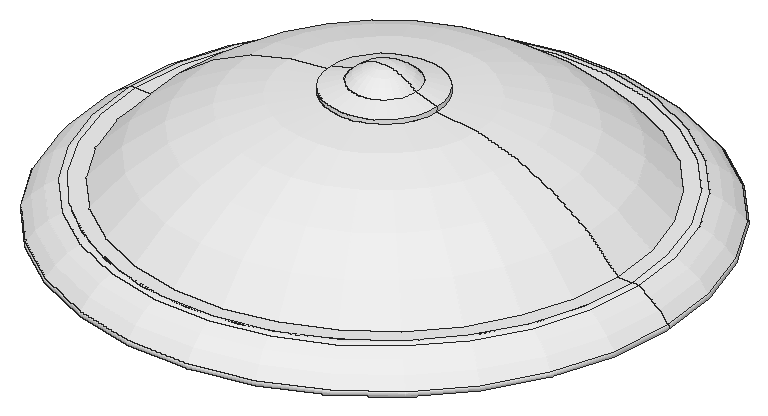
Revit family "FOGLER LED", category Lighting Fixtures, host Face, Revit 2015
Parameters (values of type "KANLUX FOGLER LED 14W-NW 18121 LED 4000K 110° 800lm blacha stalowa biały")
  Średnica = 290 mm  # constant formula
  Wattage = 14.0007 W
  built-in parameter 1150110 = 1 (stored number, unit not read)
  built-in parameter 1114217 = 1 (stored number, unit not read)
  Tilt Angle = 90.00°  # constant formula
  built-in parameter 1150109 = 1 (stored number, unit not read)
  built-in parameter 1150134 = 12
  built-in parameter 1150113 = 1 (stored number, unit not read)
  Photometric Web File = "FOGLER LED 14W-NW.ies"
  Materiał klosz = KANLUX - klosz
  built-in parameter 1150105 = 332.7 (stored number, unit not read)
  Lumens = 800 lm
  built-in parameter 1150115 = 1 (stored number, unit not read)
  built-in parameter 1150137 = (empty or 0)
  built-in parameter 1150139 = (empty or 0)
  built-in parameter 1150112 = 1 (stored number, unit not read)
  built-in parameter 1150114 = 1 (stored number, unit not read)
  Kąt rozsyłu = "110°"
  Kod = "18121"
  Keynote = ""
  built-in parameter 1150132 = (empty or 0)
  built-in parameter 1150102 = (empty or 0)
  built-in parameter 1150107 = 4000 (stored number, unit not read)
  built-in parameter 1150138 = (empty or 0)
  built-in parameter 1150106 = 3.327 (stored number, unit not read)
  built-in parameter 1150104 = 5.3085 (stored number, unit not read)
  Wysokość = 80 mm  # constant formula
  Współczynnik mocy = 1
  URL = "www.kanlux.pl"
  Manufacturer = "KANLUX"  # constant formula
  Dimming Lamp Color Temperature Shift = <None>
  Color Filter = 16777215
  built-in parameter 1114218 = 1 (stored number, unit not read)
  built-in parameter 1150133 = 10 (stored number, unit not read)
  Apparent Load = Moc oprawy / Współczynnik mocy  # 14 VA
  Model = "FOGLER LED 14W-NW"
  Wattage Comments = "14"
  Moc oprawy = 14 W
  Materiał obudowa = KANLUX - obudowa - blacha stalowa, biały
  Lamp = "LED"
  Klasyfikacja obciążenia = Oświetlenie
  IP = "IP20"  # constant formula
  Default Elevation = 0 mm
Reference planes
  plane 1 "Środek (Przód/Tył)": y = 0
  plane 2: z = 0
  plane 3 "Środek (Lewa/Prawa)": x = 0
  plane 4: z = 25
  plane 5: z = 9
  plane 6: z = 68
  plane 7: z = 70
  plane 8: z = 73
  plane 9: z = 80
  plane 10: x = -145
  plane 11: x = 145
Forms (mm)
  Revolve 1, solid, material "KANLUX - klosz" <- "Materiał klosz"
    sketch origin (0, 0, 0) x (1, 0, 0) y (0, 0, 1)
      loop
        arc (119, 25) -> (77.642, 56.432) -> (27, 68) r 123.068
        line (27, 68) -> (0, 68) -> (0, 25) -> (119, 25)
      axis (0, 25) -> (0, 68)
    angle from 0 to 360
  Revolve 2, solid, material "KANLUX - obudowa - blacha stalowa, biały" <- "Materiał obudowa"
    sketch origin (0, 0, -5) x (1, 0, 0) y (0, 0, 1)
      loop
        line (126.44, 30) -> (0, 30) -> (0, 5) -> (110, 5)
        arc (110, 5) -> (116.364, 7.636) -> (119, 14) r 9
        line (119, 14) -> (143.13, 14)
        arc (143.13, 14) -> (144.785, 15) -> (144.67, 16.931) r 1.87
        arc (144.67, 16.931) -> (138.024, 24.183) -> (129.641, 29.332) r 35.473
        arc (129.641, 29.332) -> (128.075, 29.831) -> (126.44, 30) r 8
      axis (0, 5) -> (0, 30)
    angle from 0 to 360
  Revolve 3, solid, material "KANLUX - klosz" <- "Materiał klosz"
    sketch origin (0, 0, 10) x (1, 0, 0) y (0, 0, 1)
      loop
        arc (16, 63) -> (8.732, 68.173) -> (0, 70) r 21.786
        line (0, 70) -> (0, 63) -> (16, 63)
      axis (0, 63) -> (0, 70)
    angle from 0 to 360
  Revolve 4, solid, material "KANLUX - obudowa - blacha stalowa, biały" <- "Materiał obudowa"
    sketch origin (0, 0, -7.812) x (1, 0, 0) y (0, 0, 1)
      loop
        line (16, 80.812) -> (0, 80.812) -> (0, 75.812) -> (27, 75.812) -> (27, 77.812) -> (16, 80.812)
      axis (0, 75.812) -> (0, 80.812)
    angle from 0 to 360
Dimensions and locks
  "Wysokość": plane 9 to host face
  locked: plane 9 to plane 8 at 7
  locked: plane 8 to plane 7 at 3
  locked: plane 7 to plane 6 at 2
  locked: plane 6 to plane 4 at 43
  locked: plane 4 to plane 5 at 16
  equal spacing: plane 11, plane 3 "Środek (Lewa/Prawa)", plane 10
  "Średnica": plane 11 to plane 10
  aligned and locked: plane 2 to host face
  aligned and locked: level to host face
  aligned and locked: plane 3 "Środek (Lewa/Prawa)" to imposter light
  aligned and locked: imposter light to plane 1 "Środek (Przód/Tył)"
  aligned and locked: plane 9 to imposter light
Automatic sketch dimensions
  host sketch curve to host sketch curve = 2438.4 mm  (x2)
  Revolve 1 sketch curve to plane 3 "Środek (Lewa/Prawa)" = 0 mm  (x2)
  Revolve 1 sketch curve to plane 6 = 0 mm
  Revolve 1 sketch curve to plane 4 = 0 mm
  plane 3 "Środek (Lewa/Prawa)" to Revolve 1 sketch curve = 25.532 mm
  plane 3 "Środek (Lewa/Prawa)" to Revolve 1 sketch curve = 27 mm
  Revolve 1 sketch curve to Revolve 1 sketch curve = 92 mm
  Revolve 1 sketch curve to Revolve 1 sketch curve = 159.741 mm
  Revolve 1 sketch curve to plane 9 = 314.8 mm
  Revolve 2 sketch curve to plane 3 "Środek (Lewa/Prawa)" = 0 mm  (x2)
  Revolve 2 sketch curve to plane 5 = 0 mm
  Revolve 2 sketch curve to level = 0 mm
  Revolve 2 sketch curve to plane 4 = 0 mm
  plane 3 "Środek (Lewa/Prawa)" to Revolve 2 sketch curve = 110 mm
  Revolve 2 sketch curve to Revolve 2 sketch curve = 5.448 mm
  Revolve 2 sketch curve to Revolve 2 sketch curve = 7.44 mm
  Revolve 2 sketch curve to Revolve 2 sketch curve = 16.689 mm
  Revolve 2 sketch curve to level = 8.178 mm
  Revolve 2 sketch curve to Revolve 2 sketch curve = 1.87 mm
  plane 4 to Revolve 2 sketch curve = 8 mm
  Revolve 2 sketch curve to Revolve 2 sketch curve = 0 mm
  Revolve 2 sketch curve to Revolve 2 sketch curve = 219.8 mm
  Revolve 2 sketch curve to plane 9 = 309.8 mm
  Revolve 3 sketch curve to plane 3 "Środek (Lewa/Prawa)" = 0 mm  (x2)
  Revolve 3 sketch curve to plane 8 = 0 mm
  Revolve 3 sketch curve to plane 9 = 0 mm
  plane 3 "Środek (Lewa/Prawa)" to Revolve 3 sketch curve = 16 mm
  Revolve 3 sketch curve to level = 204.8 mm
  Revolve 3 sketch curve to Revolve 3 sketch curve = 324.8 mm
  Revolve 4 sketch curve to plane 3 "Środek (Lewa/Prawa)" = 0 mm  (x2)
  Revolve 4 sketch curve to plane 8 = 0 mm
  Revolve 4 sketch curve to plane 7 = 0 mm
  Revolve 4 sketch curve to plane 6 = 0 mm
  plane 3 "Środek (Lewa/Prawa)" to Revolve 4 sketch curve = 16 mm
  Revolve 4 sketch curve to Revolve 4 sketch curve = 11 mm
  Revolve 4 sketch curve to level = 222.612 mm
  Revolve 4 sketch curve to plane 9 = 306.988 mm
Connectors
  electrical at (0, 0, 0), driven by "Apparent Load", driven by "Współczynnik mocy", driven by "Klasyfikacja obciążenia"
    settings: on host face, index 1, voltage 230 V, apparent load 14 VA, apparent load phase1 0 VA, apparent load phase2 0 VA, apparent load phase3 0 VA, power factor 1, load classification "Oświetlenie", number of poles 1, system type 30, power factor state 1, is connector primary yes, connector utility no, sub classification motor no, connector description ""
